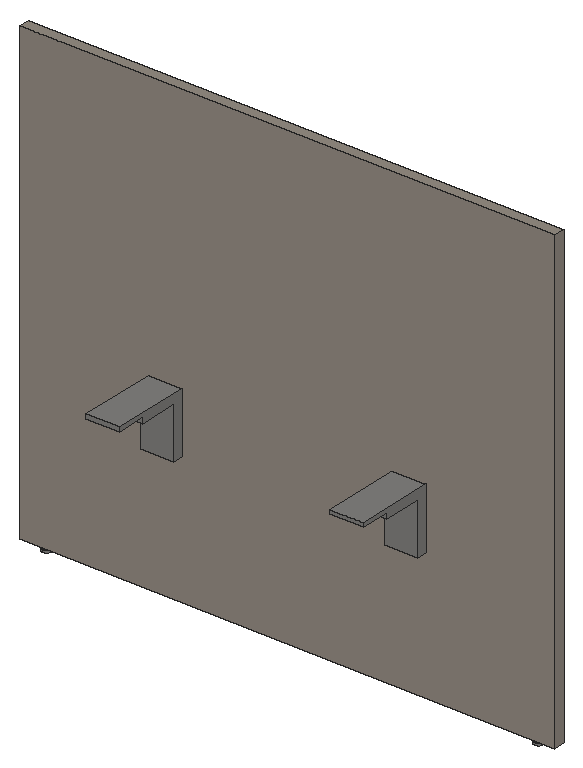
Revit family "Casual_Space_Division-Teknion-HNBLSS_Navigate_Single_Corridor_Sided_Screen_Solid-R2016", category Furniture, Revit 2016
Family settings
  OmniClass Number = 23.40.20.00
  OmniClass Title = General Furniture and Specialties
  Work Plane-Based = No
  Always vertical = Yes
  Cut with Voids When Loaded = No
  Shared = Yes
  Room Calculation Point = No
Parameters (values of type "42" Height")
  Width [instance] = 48.000"
  Warranty = "http://www.teknion.com/ca/papers/legal-canada"
  Unit Weight URL = "http://www.teknion.com/ca/tools/assets#&asset=bee6a381-b954-425e-8283-5a2de3a804f2,f828d448-4b62-4231-9e5f-9a8991c0ed77"
  URL = "www.teknion.com"
  To render please download texture images found here [instance] = "https://assets.teknion.com/web/5e81352c1dfdb467/revit-material-swatches/"
  Sustainability Data = "https://www.teknion.com/ca/tools/assets#&topic=216f99a5-57a0-44fc-b10a-9dee9b29ae4c&asset=444deb64-fe58-4b68-981e-f75e97781df7,b4ff2d81-9f2e-437d-9659-7cffb09c31cf"
  Series = "Navigate Height Adjustable Table"  # constant formula
  Screen Finish [instance] = Veneer - Teknion - Q9 - Mercurial Walnut
  Product Page URL = "https://www.teknion.com/ca/products/product-details?productLineId=7951336e-8e7a-673b-a6c8-ff00004460c4"
  Product Line = "Navigate Height Adjustable Table"  # constant formula
  Product Documentation Link = "https://www.teknion.com/pricing/hab/pdfs/HNBLSS_ppg.pdf"
  Part Number = "HNBLSS"  # constant formula
  Model = "HNBLSS42__"
  Manufacturer Phone = "416-661-3370"  # constant formula
  Manufacturer Fax = "416.661.4586"  # constant formula
  Manufacturer Contact Information = "http://www.teknion.com/ca/contactus"
  Manufacturer Address = "1150 Flint Road, Toronto, ON. M3J 2J5. Canada"  # constant formula
  Manufacturer = "Teknion"  # constant formula
  How To Use Teknion Materials User Guide [instance] = "https://assets.teknion.com/m/205dd0a49fa58060/original/How-to-add-a-Material-Library-and-Texture-Images-to-your-Revit-project.pdf"
  Height = 41.575"
  For Additional Finishes please visit [instance] = "https://assets.teknion.com/m/44a8009b046e5d47/original/Teknion_Materials_Library.zip"
  Description = "Navigate Single-Sided Corridor Screen – Solid, 42\" Height"
  Center Bracket Visibility [instance] = if(Width > 77.000", 1 < 2, 1 > 2)  # no
  Bracket Finish [instance] = Seamless Paint - Teknion - 24 - Greystone
  Available Widths [instance] = "48, 54, 60, 66, 72, 78, 84, 90, 96 inches."  # constant formula
  Assembly Code = "E2020200"
  Actual Width [instance] = Width - 0.125"  # 47.875"
Types (3): name | Model | Height | Description
  (no name) | "HNBLSS42__" | 41.575" | "Navigate Single-Sided Corridor Screen – Solid, 42\" Height"
  42" Height | "HNBLSS42__" | 41.575" | "Navigate Single-Sided Corridor Screen – Solid, 42\" Height"
  51" Height | "HNBLSS51__" | 50.575" | "Navigate Single-Sided Corridor Screen – Solid, 51\" Height"
Reference planes (in)
  plane 1 "Center Front/Back": y = 0
  plane 2: z = 0
  plane 3 "Center Left/Right": x = 0
  plane 4 "Left": x = -23.9375
  plane 5 "Right": x = 23.9375
  plane 6 "Back": y = 0.5
  plane 7 "Front": y = -0.5
  plane 8 "Top": z = 41.575
  plane 9: x = -12.4375
  plane 10: x = -9.4375
  plane 11: x = 9.4375
  plane 12: x = 12.4375
  plane 13: y = -7.5
  plane 14: y = -2.3662
  plane 15: z = 17.5379
  plane 16: z = 16.6629
  plane 17: z = 12.0379
  plane 18: x = -1.5
  plane 19: x = 1.5
Forms (in)
  Sweep 1, solid, material "Seamless Paint - Teknion - 24 - Greystone" <- "Bracket Finish"
    path origin (0, 0, 0) x (1, 0, 0) y (0, 1, 0)
      loop
        line (-12.4375, 0) -> (-9.4375, 0)
    profile origin (-10.9375, 0, 0) x (0, 1, 0) y (0, 0, 1)
      loop
        line (-1.375, 12.0379) -> (-0.5, 12.0379) -> (-0.5, 17.5379) -> (-7.5, 17.5379) -> (-7.5, 17.1629) -> (-4.875, 17.1629) -> (-4.875, 16.6629) -> (-1.375, 16.6629) -> (-1.375, 12.0379)
  Sweep 2, solid, material "Seamless Paint - Teknion - 24 - Greystone" <- "Bracket Finish"
    path origin (21.875, 0, 0) x (1, 0, 0) y (0, 1, 0)
      loop
        line (-12.4375, 0) -> (-9.4375, 0)
    profile origin (10.9375, 0, 0) x (0, 1, 0) y (0, 0, 1)
      loop
        line (-1.375, 12.0379) -> (-0.5, 12.0379) -> (-0.5, 17.5379) -> (-7.5, 17.5379) -> (-7.5, 17.1629) -> (-4.875, 17.1629) -> (-4.875, 16.6629) -> (-1.375, 16.6629) -> (-1.375, 12.0379)
  Sweep 3, solid, material "Seamless Paint - Teknion - 24 - Greystone" <- "Bracket Finish", visible <- "Center Bracket Visibility"
    path origin (10.9375, 0, 0) x (1, 0, 0) y (0, 1, 0)
      loop
        line (-12.4375, 0) -> (-9.4375, 0)
    profile origin (0, 0, 0) x (0, 1, 0) y (0, 0, 1)
      loop
        line (-1.375, 12.0379) -> (-0.5, 12.0379) -> (-0.5, 17.5379) -> (-7.5, 17.5379) -> (-7.5, 17.1629) -> (-4.875, 17.1629) -> (-4.875, 16.6629) -> (-1.375, 16.6629) -> (-1.375, 12.0379)
  Sweep 4, solid, material "Veneer - Teknion - Q9 - Mercurial Walnut" <- "Screen Finish"
    path origin (0, 0, 0) x (1, 0, 0) y (0, 0, 1)
      loop
        line (0, 41.575) -> (0, 0.375)
    profile origin (0, 0, 20.975) x (0, -1, 0) y (1, 0, 0)
      loop
        line (0.5, -23.9375) -> (0.5, 23.9375) -> (-0.5, 23.9375) -> (-0.5, -23.9375) -> (0.5, -23.9375)
  Sweep 5, solid, material "Seamless Paint - Teknion - 24 - Greystone" <- "Bracket Finish"
    path origin (0, 0, 0) x (1, 0, 0) y (0, 0, 1)
      loop
        line (0, 0) -> (0, 0.125)
    profile origin (0, 0, 0.0625) x (-1, 0, 0) y (0, -1, 0)
      loop
        circle (21.94145, 0) r 0.43898
      loop
        circle (-22.12309, 0) r 0.43898
  Sweep 6, solid, material "Seamless Paint - Teknion - 24 - Greystone" <- "Bracket Finish"
    path origin (0, 0, 0) x (1, 0, 0) y (0, 0, 1)
      loop
        line (0, 0.275) -> (0, 0.125)
    profile origin (0, 0, 0.2) x (0, -1, 0) y (1, 0, 0)
      loop
        circle (0, -21.94145) r 0.25272
      loop
        circle (0, 22.12201) r 0.25272
  Sweep 7, solid, material "Seamless Paint - Teknion - 24 - Greystone" <- "Bracket Finish"
    path origin (0, 0, 0) x (1, 0, 0) y (0, 0, 1)
      loop
        line (0, 0.375) -> (0, 0.275)
    profile origin (0, 0, 0.325) x (0, -1, 0) y (1, 0, 0)
      loop
        circle (0, -21.94145) r 0.18784
      loop
        circle (0, 22.12201) r 0.18608
Lines and regions (in)
  Masking region 1
    outline origin (0, 0, 0) x (1, 0, 0) y (0, 1, 0)
      loop
        line (-23.9375, 0.5) -> (-23.9375, -0.5) -> (23.9375, -0.5) -> (23.9375, 0.5) -> (-23.9375, 0.5)
  symbolic lines, style "FurnitureHiddenLines", detail levels fine
    curve 1: arc (-22.38043, 0, 0) -> (-21.94145, -0.43898, 0) -> (-21.50247, 0, 0) r 0.43898
    curve 2: arc (-21.50247, 0, 0) -> (-21.94145, 0.43898, 0) -> (-22.38043, 0, 0) r 0.43898
    curve 3: arc (-21.94145, -0.25272, 0) -> (-21.68873, 0, 0) -> (-21.94145, 0.25272, 0) r 0.25272
    curve 4: arc (-21.94145, 0.25272, 0) -> (-22.19416, 0, 0) -> (-21.94145, -0.25272, 0) r 0.25272
    curve 5: arc (-21.94145, -0.18784, 0) -> (-21.75361, 0, 0) -> (-21.94145, 0.18784, 0) r 0.18784
    curve 6: arc (-21.94145, 0.18784, 0) -> (-22.12929, 0, 0) -> (-21.94145, -0.18784, 0) r 0.18784
    curve 7: arc (21.68411, 0, 0) -> (22.12309, 0.43898, 0) -> (22.56207, 0, 0) r 0.43898
    curve 8: arc (22.56207, 0, 0) -> (22.12309, -0.43898, 0) -> (21.68411, 0, 0) r 0.43898
    curve 9: arc (22.12201, 0.25272, 0) -> (21.8693, 0, 0) -> (22.12201, -0.25272, 0) r 0.25272
    curve 10: arc (22.12201, -0.25272, 0) -> (22.37473, 0, 0) -> (22.12201, 0.25272, 0) r 0.25272
    curve 11: arc (22.12201, 0.18608, 0) -> (21.93594, 0, 0) -> (22.12201, -0.18608, 0) r 0.18608
    curve 12: arc (22.12201, -0.18608, 0) -> (22.30809, 0, 0) -> (22.12201, 0.18608, 0) r 0.18608
    curve 22: line (-12.4375, -1.375, 0) -> (-9.4375, -1.375, 0)
    curve 23: line (-12.4375, -4.875, 0) -> (-9.4375, -4.875, 0)
    curve 26: line (9.4375, -1.375, 0) -> (12.4375, -1.375, 0)
    curve 27: line (9.4375, -4.875, 0) -> (12.4375, -4.875, 0)
  symbolic lines, style "FurnitureHiddenLines", detail levels medium+fine
    curve 13: line (-12.4375, -7.5, 0) -> (-12.4375, -0.5, 0)
    curve 14: line (-12.4375, -7.5, 0) -> (-9.4375, -7.5, 0)
    curve 15: line (-9.4375, -7.5, 0) -> (-9.4375, -0.5, 0)
    curve 19: line (9.4375, -7.5, 0) -> (9.4375, -0.5, 0)
    curve 20: line (9.4375, -7.5, 0) -> (12.4375, -7.5, 0)
    curve 21: line (12.4375, -7.5, 0) -> (12.4375, -0.5, 0)
  symbolic lines, style "FurnitureHiddenLines", visible <- "Center Bracket Visibility", detail levels medium+fine
    curve 16: line (-1.5, -7.5, 0) -> (-1.5, -0.5, 0)
    curve 17: line (-1.5, -7.5, 0) -> (1.5, -7.5, 0)
    curve 18: line (1.5, -7.5, 0) -> (1.5, -0.5, 0)
  symbolic lines, style "FurnitureHiddenLines", visible <- "Center Bracket Visibility", detail levels fine
    curve 24: line (-1.5, -1.375, 0) -> (1.5, -1.375, 0)
    curve 25: line (-1.5, -4.875, 0) -> (1.5, -4.875, 0)
  reference lines
    curve 28: line (-23.9375, 0.5, 0) -> (-23.9375, -0.5, 0)
    curve 29: line (23.9375, 0.5, 0) -> (23.9375, -0.5, 0)
Dimensions and locks (in)
  "Actual Width": plane 4 "Left" to plane 5 "Right"
  plane 6 "Back" to plane 1 "Center Front/Back" to plane 7 "Front" = 0.500" locked, 0.500" locked
  "Height": plane 8 "Top" to level
  plane 7 "Front" to plane 14 to plane 13 = 1.8662" locked, 5.1338" locked
  equal spacing: plane 4 "Left", plane 3 "Center Left/Right", plane 5 "Right"
  plane 15 to plane 16 to plane 17 to plane 2 = 0.875" locked, 4.625" locked, 12.0379" locked
  plane 7 "Front" to Sweep 1 sketch curve to Sweep 1 sketch curve = 0.875" locked, 3.500" locked
  locked: Sweep 1 sketch curve to plane 16 at 0.5
  locked: Sweep 2 sketch curve to Sweep 2 sketch curve at 3.5
  locked: Sweep 2 sketch curve to plane 13 at 2.625
  locked: Sweep 2 sketch curve to plane 16 at 0.5
  locked: plane 4 "Left" to plane 9 at 11.5
  locked: plane 9 to plane 10 at 3
  locked: plane 11 to plane 12 at 3
  locked: plane 12 to plane 5 "Right" at 11.5
  Sweep 3 sketch curve to Sweep 3 sketch curve to plane 13 = 3.500" locked, 2.625" locked
  plane 18 to plane 3 "Center Left/Right" to plane 19 = 1.500" locked, 1.500" locked
  locked: Sweep 3 sketch curve to plane 16 at 0.5
  locked: Sweep 4 sketch curve to plane 2 at 0.375
  locked: plane 4 "Left" to Sweep 5 sketch curve at 1.99605
  locked: plane 1 "Center Front/Back" to Sweep 5 sketch curve at 0  (x2)
  locked: Sweep 5 sketch curve to plane 2 at 0.125
  locked: Sweep 5 sketch curve to plane 5 "Right" at 1.81441
  Sweep 6 sketch curve to Sweep 6 sketch curve to plane 2 = 0.150" locked, 0.125" locked
  locked: plane 1 "Center Front/Back" to Sweep 6 sketch curve at 0  (x2)
  locked: plane 4 "Left" to Sweep 6 sketch curve at 1.99605
  locked: Sweep 6 sketch curve to plane 5 "Right" at 1.81549
  Sweep 7 sketch curve to Sweep 7 sketch curve to plane 2 = 0.100" locked, 0.275" locked
  locked: plane 1 "Center Front/Back" to Sweep 7 sketch curve at 0  (x2)
  locked: plane 4 "Left" to Sweep 7 sketch curve at 1.99605
  locked: Sweep 7 sketch curve to plane 5 "Right" at 1.81549
  aligned and locked: level to plane 2
  aligned and locked: plane 10 to Sweep 1 sketch curve
  aligned and locked: plane 9 to Sweep 1 sketch curve
  aligned and locked: plane 1 "Center Front/Back" to Sweep 1 sketch curve
  aligned and locked: Sweep 1 sketch curve to plane 15
  aligned and locked: plane 17 to Sweep 1 sketch curve
  aligned and locked: plane 7 "Front" to Sweep 1 sketch curve
  aligned and locked: Sweep 1 sketch curve to plane 13
  aligned and locked: Sweep 1 sketch curve to plane 16
  aligned and locked: plane 12 to Sweep 2 sketch curve
  aligned and locked: plane 11 to Sweep 2 sketch curve
  aligned and locked: plane 1 "Center Front/Back" to Sweep 2 sketch curve
  aligned and locked: Sweep 2 sketch curve to plane 13
  aligned and locked: Sweep 2 sketch curve to plane 15
  aligned and locked: Sweep 2 sketch curve to plane 16
  aligned and locked: plane 7 "Front" to Sweep 2 sketch curve
  aligned and locked: plane 17 to Sweep 2 sketch curve
  aligned and locked: plane 19 to Sweep 3 sketch curve
  aligned and locked: plane 18 to Sweep 3 sketch curve
  aligned and locked: plane 1 "Center Front/Back" to Sweep 3 sketch curve
  aligned and locked: Sweep 3 sketch curve to plane 15
  aligned and locked: Sweep 3 sketch curve to plane 16
  aligned and locked: plane 17 to Sweep 3 sketch curve
  aligned and locked: Sweep 3 sketch curve to plane 13
  aligned and locked: plane 7 "Front" to Sweep 3 sketch curve
  aligned and locked: plane 8 "Top" to Sweep 4 sketch curve
  aligned and locked: Sweep 4 sketch curve to plane 3 "Center Left/Right"
  aligned and locked: Sweep 4 sketch curve to plane 7 "Front"
  aligned and locked: Sweep 4 sketch curve to plane 6 "Back"
  aligned and locked: Sweep 4 sketch curve to plane 4 "Left"
  aligned and locked: Sweep 4 sketch curve to plane 5 "Right"
  aligned and locked: plane 2 to Sweep 5 sketch curve
  aligned and locked: plane 3 "Center Left/Right" to Sweep 5 sketch curve
  aligned and locked: plane 3 "Center Left/Right" to Sweep 7 sketch curve
  aligned and locked: Masking region 1 sketch curve to plane 6 "Back"
  aligned and locked: Masking region 1 sketch curve to plane 4 "Left"
  aligned and locked: Masking region 1 sketch curve to plane 7 "Front"
  aligned and locked: Masking region 1 sketch curve to plane 5 "Right"
  aligned and locked: curve 1 to Sweep 5
  aligned and locked: curve 2 to Sweep 5
  aligned and locked: curve 3 to Sweep 6
  aligned and locked: curve 4 to Sweep 6
  aligned and locked: curve 5 to Sweep 7
  aligned and locked: curve 6 to Sweep 7
  aligned and locked: curve 7 to Sweep 5
  aligned and locked: curve 8 to Sweep 5
  aligned and locked: curve 9 to Sweep 6
  aligned and locked: curve 10 to Sweep 6
  aligned and locked: curve 11 to Sweep 7
  aligned and locked: curve 12 to Sweep 7
  aligned and locked: curve 13 to Sweep 1
  aligned and locked: curve 14 to Sweep 1
  aligned and locked: curve 15 to Sweep 1
  aligned and locked: curve 16 to Sweep 3
  aligned and locked: curve 17 to Sweep 3
  aligned and locked: curve 18 to Sweep 3
  aligned and locked: curve 19 to Sweep 2
  aligned and locked: curve 20 to Sweep 2
  aligned and locked: curve 21 to Sweep 2
  aligned and locked: curve 22 to Sweep 1
  aligned and locked: curve 23 to Sweep 1
  aligned and locked: curve 24 to Sweep 3
  aligned and locked: curve 25 to Sweep 3
  aligned and locked: curve 26 to Sweep 2
  aligned and locked: curve 27 to Sweep 2
  aligned and locked: curve 28 to plane 4 "Left"
  aligned and locked: curve 29 to plane 5 "Right"
Automatic sketch dimensions
  Sweep 6 sketch curve to plane 3 "Center Left/Right" = 0.000"
  plane 7 "Front" to curve 13 = 0.000"
  plane 7 "Front" to curve 15 = 0.000"
  plane 7 "Front" to curve 16 = 0.000"
  plane 7 "Front" to curve 18 = 0.000"
  plane 7 "Front" to curve 19 = 0.000"
  plane 7 "Front" to curve 21 = 0.000"
  curve 28 to plane 7 "Front" = 0.000"
  curve 28 to plane 6 "Back" = 0.000"
  plane 7 "Front" to curve 29 = 0.000"
  curve 29 to plane 6 "Back" = 0.000"
  radius of Sweep 5 sketch curve = 0.43898"  (x2)
  radius of Sweep 6 sketch curve = 0.25272"  (x2)
  radius of Sweep 7 sketch curve = 0.18784"
  radius of Sweep 7 sketch curve = 0.18608"
